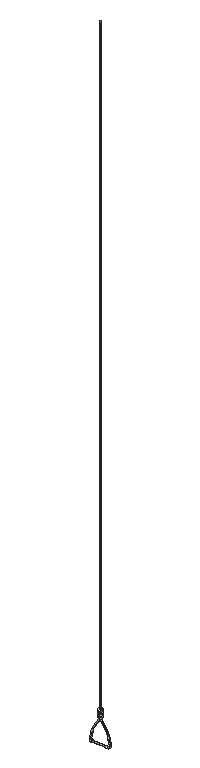
Revit family "Wire-HunterDouglas-Multi-Box_Series", category Specialty Equipment, Revit 2013
Parameters (values of type "Parametric")
  Wire Hanger = Metal - Aluminum Frame - HunterDouglas - Painted White
  URL = "http://www.hunterdouglascontract.com/ceilings/index.jsp"
  Subcategory = "Metal – Linear"  # constant formula
  Product Line = "Deep Box Series"  # constant formula
  Perforations = "http://www.hunterdouglascontract.com/ceilings/metalsystems/linear/multiboxlinear/index.jsp?t=perfPage"
  Model = "Deep Box Series Hanger Wire"  # constant formula
  Manufacturer = "Hunter Douglas Luxalon Metal Ceilings"  # constant formula
  Hanger Wire Height [instance] = 3' - 0"
  Description = "Hanger Wire"  # constant formula
  Color Finishes = "http://www.hunterdouglascontract.com/ceilings/metalsystems/linear/multiboxlinear/index.jsp?t=colorPage"
  Assembly Code = "C3030200"
  95 CSI = "09510"  # constant formula
  04 CSI = "09 51 00"  # constant formula
Reference planes (in)
  plane 1 "Center (Front/Back)": y = 0
  plane 2: z = 0
  plane 3 "Center (Left/Right)": x = 0
  plane 4: x = -0.77248
  plane 5: x = 0.77248
  plane 6: z = 2.4375
  plane 7: z = 2.5
  plane 8: z = 36
Dimensions and locks (in)
  equal spacing: plane 4, plane 3 "Center (Left/Right)", plane 5
  plane 4 to plane 5 = 0' - 1.54495"
  locked: plane 6 to plane 7 at 0.0625
  locked: plane 6 to level at 2.4375
  "Hanger Wire Height": plane 8 to level
  aligned and locked: level to plane 2
  aligned and locked: plane 3 "Center (Left/Right)" to nested 1
  aligned and locked: plane 1 "Center (Front/Back)" to nested 1
  aligned and locked: plane 6 to nested 1
Nested families (in)
  nested 1: "Wire" at (0, 0, 0), type "Parametric"
Definition of nested family "Wire"
  Parameters (values of type "Parametric")
    Wire Hanger = Metal - Aluminum Frame - HunterDouglas - Painted White
    URL = "http://www.hunterdouglascontract.com/ceilings/index.jsp"
    Subcategory = "Metal – Linear"  # constant formula
    Product Line = "6-7 Box Series & Deep Box"  # constant formula
    Model = "6-7 Box Series & Deep Box Hanger Wire"  # constant formula
    Manufacturer = "Hunter Douglas Luxalon Metal Ceilings"  # constant formula
    HangerWire Length = 3' - 0"
    Description = "Hanger_Wire"  # constant formula
    Assembly Code = "C3030200"
    95 CSI = "09510"  # constant formula
    04 CSI = "09 51 00"  # constant formula
  Reference planes (in)
    plane 1 "Center (Front/Back)": y = 0
    plane 2: z = 0
    plane 3 "Center (Left/Right)": x = 0
    plane 4: x = -0.77248
    plane 5: x = 0.77248
    plane 6: z = 2.4375
    plane 7: z = 2.5
    plane 8: z = 36
  Forms (in)
    Sweep 1, solid, material "Metal - Aluminum Frame - HunterDouglas - Painted White" <- "Wire Hanger", detail levels fine
      path origin (0, 0, 0) x (1, 0, 0) y (0, 0, 1)
        loop
          line (0.03125, 36) -> (0.03125, 3.70793) -> (0.38236, 3.14135)
          arc (0.38236, 3.14135) -> (0.44435, 3.01623) -> (0.48166, 2.88166) r 0.73777
          line (0.48166, 2.88166) -> (0.5376, 2.56649)
          arc (0.5376, 2.56649) -> (0.51364, 2.47677) -> (0.42949, 2.4375) r 0.1098
          line (0.42949, 2.4375) -> (-0.42976, 2.4375)
          arc (-0.42976, 2.4375) -> (-0.51374, 2.47669) -> (-0.53765, 2.56622) r 0.10957
          line (-0.53765, 2.56622) -> (-0.48246, 2.87715)
          arc (-0.48246, 2.87715) -> (-0.44395, 3.01607) -> (-0.37995, 3.14524) r 0.76163
          line (-0.37995, 3.14524) -> (-0.0384, 3.69638)
      profile origin (-0.00014, 0, 2.4375) x (0, 0, -1) y (0, -1, 0)
        loop
          circle (-0.03125, 0) r 0.03125
    Revolve 2, solid, material "Metal - Aluminum Frame - HunterDouglas - Painted White" <- "Wire Hanger", detail levels fine
      sketch origin (-1.10243, 0, 0.17393) x (0.947216, 0, -0.320596) y (0.320596, 0, 0.947216)
        loop
          line (-0.19925, 4.08974) -> (-0.26999, 4.08974)
          arc (-0.26999, 4.08974) -> (-0.30124, 4.05849) -> (-0.26999, 4.02724) r 0.03125
          line (-0.26999, 4.02724) -> (-0.19925, 4.02724) -> (-0.19925, 4.08974)
        axis (-0.19925, 4.02724) -> (-0.19925, 4.08974)
      angle from 0 to 360
    Revolve 3, solid, material "Metal - Aluminum Frame - HunterDouglas - Painted White" <- "Wire Hanger", detail levels fine
      sketch origin (-1.10243, 0, 0.1083) x (0.947216, 0, -0.320596) y (0.320596, 0, 0.947216)
        loop
          line (-0.19925, 4.08974) -> (-0.26999, 4.08974)
          arc (-0.26999, 4.08974) -> (-0.30124, 4.05849) -> (-0.26999, 4.02724) r 0.03125
          line (-0.26999, 4.02724) -> (-0.19925, 4.02724) -> (-0.19925, 4.08974)
        axis (-0.19925, 4.02724) -> (-0.19925, 4.08974)
      angle from 0 to 360
    Revolve 4, solid, material "Metal - Aluminum Frame - HunterDouglas - Painted White" <- "Wire Hanger", detail levels fine
      sketch origin (-1.10243, 0, 0.04197) x (0.947216, 0, -0.320596) y (0.320596, 0, 0.947216)
        loop
          line (-0.19925, 4.08974) -> (-0.26999, 4.08974)
          arc (-0.26999, 4.08974) -> (-0.30124, 4.05849) -> (-0.26999, 4.02724) r 0.03125
          line (-0.26999, 4.02724) -> (-0.19925, 4.02724) -> (-0.19925, 4.08974)
        axis (-0.19925, 4.02724) -> (-0.19925, 4.08974)
      angle from 0 to 360
    Revolve 5, solid, material "Metal - Aluminum Frame - HunterDouglas - Painted White" <- "Wire Hanger", detail levels fine
      sketch origin (-1.10243, 0, -0.02402) x (0.947216, 0, -0.320596) y (0.320596, 0, 0.947216)
        loop
          line (-0.19925, 4.08974) -> (-0.26999, 4.08974)
          arc (-0.26999, 4.08974) -> (-0.30124, 4.05849) -> (-0.26999, 4.02724) r 0.03125
          line (-0.26999, 4.02724) -> (-0.19925, 4.02724) -> (-0.19925, 4.08974)
        axis (-0.19925, 4.02724) -> (-0.19925, 4.08974)
      angle from 0 to 360
    Revolve 6, solid, material "Metal - Aluminum Frame - HunterDouglas - Painted White" <- "Wire Hanger", detail levels fine
      sketch origin (-1.10243, 0, -0.09) x (0.947216, 0, -0.320596) y (0.320596, 0, 0.947216)
        loop
          line (-0.19925, 4.08974) -> (-0.26999, 4.08974)
          arc (-0.26999, 4.08974) -> (-0.30124, 4.05849) -> (-0.26999, 4.02724) r 0.03125
          line (-0.26999, 4.02724) -> (-0.19925, 4.02724) -> (-0.19925, 4.08974)
        axis (-0.19925, 4.02724) -> (-0.19925, 4.08974)
      angle from 0 to 360
    Revolve 7, solid, material "Metal - Aluminum Frame - HunterDouglas - Painted White" <- "Wire Hanger", detail levels fine
      sketch origin (-1.10243, 0, -0.15751) x (0.947216, 0, -0.320596) y (0.320596, 0, 0.947216)
        loop
          line (-0.19925, 4.08974) -> (-0.26999, 4.08974)
          arc (-0.26999, 4.08974) -> (-0.30124, 4.05849) -> (-0.26999, 4.02724) r 0.03125
          line (-0.26999, 4.02724) -> (-0.19925, 4.02724) -> (-0.19925, 4.08974)
        axis (-0.19925, 4.02724) -> (-0.19925, 4.08974)
      angle from 0 to 360
  Cuts and joins
    joined: Sweep 1, Revolve 3, Revolve 5, Revolve 7
  Lines and regions (in)
    model lines, style "Wire", detail levels coarse+medium
      curve 1: line (0, 0, 36) -> (0, 0, 2.5)
    symbolic lines, style "Wire", detail levels fine
      curve 2: line (-0.50903, 0.03125, 0) -> (-0.08588, 0.03125, 0)
      curve 3: line (0.50903, -0.03126, 0) -> (0.10541, -0.03126, 0)
      curve 4: arc (0.50903, 0.03125, 0) -> (0.54029, 0, 0) -> (0.50903, -0.03126, 0) r 0.03125
      curve 5: arc (-0.50903, 0.03125, 0) -> (-0.54029, 0, 0) -> (-0.50903, -0.03126, 0) r 0.03125
      curve 6: circle (0.00977, 0, 0) r 0.10062 normal (0, 0, 1)
      curve 7: circle (0, 0, 0) r 0.03125 normal (0, 0, 1)
      curve 8: line (0.10541, 0.03125, 0) -> (0.50903, 0.03125, 0)
      curve 9: line (-0.08587, -0.03126, 0) -> (-0.50903, -0.03126, 0)
      curve 43: line (-0.03122, 0, 36) -> (0.03122, 0, 36)
      curve 44: line (0.03122, 0, 36) -> (0.03122, 0, 4.1081)
      curve 45: line (-0.04684, 0, 4.13498) -> (0.08788, 0, 4.08859)
      curve 46: line (-0.07537, 0, 4.07858) -> (0.06749, 0, 4.02939)
      curve 47: arc (0.08788, 0, 4.08859) -> (0.10729, 0, 4.0488) -> (0.06749, 0, 4.02939) r 0.03131
      curve 48: arc (-0.04684, 0, 4.13498) -> (-0.08569, 0, 4.11922) -> (-0.07537, 0, 4.07858) r 0.0319
      curve 49: arc (0.08788, 0, 4.02237) -> (0.10784, 0, 3.98437) -> (0.0711, 0, 3.96216) r 0.03131
      curve 50: arc (-0.04684, 0, 4.06876) -> (-0.08551, 0, 4.05335) -> (-0.07602, 0, 4.01282) r 0.0319
      curve 51: line (-0.07602, 0, 4.01282) -> (0.0711, 0, 3.96216)
      curve 52: arc (0.08788, 0, 3.95615) -> (0.10784, 0, 3.91815) -> (0.0711, 0, 3.89594) r 0.03131
      curve 53: arc (-0.04684, 0, 4.00254) -> (-0.08551, 0, 3.98713) -> (-0.07602, 0, 3.9466) r 0.0319
      curve 54: line (-0.07602, 0, 3.9466) -> (0.0711, 0, 3.89594)
      curve 55: arc (0.08788, 0, 3.88993) -> (0.10784, 0, 3.85193) -> (0.0711, 0, 3.82972) r 0.03131
      curve 56: arc (-0.04684, 0, 3.93632) -> (-0.08551, 0, 3.92091) -> (-0.07602, 0, 3.88038) r 0.0319
      curve 57: line (-0.07602, 0, 3.88038) -> (0.0711, 0, 3.82972)
      curve 58: arc (0.08788, 0, 3.82371) -> (0.10784, 0, 3.78571) -> (0.0711, 0, 3.7635) r 0.03131
      curve 59: arc (-0.04684, 0, 3.8701) -> (-0.08551, 0, 3.85469) -> (-0.07602, 0, 3.81416) r 0.0319
      curve 60: line (-0.07602, 0, 3.81416) -> (0.0711, 0, 3.7635)
      curve 61: arc (0.08788, 0, 3.75749) -> (0.10784, 0, 3.71949) -> (0.0711, 0, 3.69728) r 0.03131
      curve 62: arc (-0.04684, 0, 3.80388) -> (-0.08551, 0, 3.78847) -> (-0.07602, 0, 3.74794) r 0.0319
      curve 63: line (-0.07602, 0, 3.74794) -> (0.0711, 0, 3.69728)
      curve 64: line (-0.0384, 0, 3.69638) -> (-0.37724, 0, 3.14961)
      curve 65: line (-0.53854, 0, 2.57083) -> (-0.47845, 0, 2.89346)
      curve 66: arc (-0.47845, 0, 2.89346) -> (-0.43931, 0, 3.02606) -> (-0.37724, 0, 3.14961) r 0.77561
      curve 67: arc (-0.53854, 0, 2.57083) -> (-0.5193, 0, 2.48393) -> (-0.44337, 0, 2.4375) r 0.11373
      curve 68: line (0.08629, 0, 3.61911) -> (-0.0384, 0, 3.69638)
      curve 69: spline (-0.02925, 0, 3.69071) -> (-0.02601, 0, 3.69164) -> (-0.02149, 0, 3.69294) -> (-0.01593, 0, 3.69453) -> (-0.00958, 0, 3.69634) -> (-0.00276, 0, 3.69828) -> (0.00419, 0, 3.70026) -> (0.01093, 0, 3.70218) -> (0.01714, 0, 3.70394) -> (0.02251, 0, 3.70547) -> (0.02678, 0, 3.70667) -> (0.02974, 0, 3.70751) -> (0.03125, 0, 3.70793)
      curve 70: line (0, 0, 3.6397) -> (-0.32412, 0, 3.11669)
      curve 71: arc (-0.41709, 0, 2.88159) -> (-0.3811, 0, 3.00329) -> (-0.32412, 0, 3.11669) r 0.71311
      curve 72: line (-0.4771, 0, 2.55939) -> (-0.41709, 0, 2.88159)
      curve 73: arc (-0.4771, 0, 2.55939) -> (-0.46843, 0, 2.52024) -> (-0.43423, 0, 2.49933) r 0.05123
      curve 74: line (0.03122, 0, 36) -> (-0.03122, 0, 36)
      curve 75: line (-0.03122, 0, 36) -> (-0.03122, 0, 4.1296)
      curve 76: line (0.02882, 0, 3.71184) -> (0.37724, 0, 3.14961)
      curve 77: line (0.53854, 0, 2.57083) -> (0.47845, 0, 2.89346)
      curve 78: arc (0.47845, 0, 2.89346) -> (0.43931, 0, 3.02606) -> (0.37724, 0, 3.14961) r 0.77561
      curve 79: arc (0.53854, 0, 2.57083) -> (0.5193, 0, 2.48393) -> (0.44337, 0, 2.4375) r 0.11373
      curve 80: arc (0.4771, 0, 2.55939) -> (0.46843, 0, 2.52024) -> (0.43423, 0, 2.49933) r 0.05123
      curve 81: line (0.4771, 0, 2.55939) -> (0.41709, 0, 2.88159)
      curve 82: arc (0.41709, 0, 2.88159) -> (0.3811, 0, 3.00329) -> (0.32412, 0, 3.11669) r 0.71311
      curve 83: line (0, 0, 3.6397) -> (0.32412, 0, 3.11669)
      curve 84: line (-0.43423, 0, 2.49933) -> (0.43423, 0, 2.49933)
      curve 85: line (0.44337, 0, 2.4375) -> (-0.44337, 0, 2.4375)
      curve 86: line (-0.03122, 0, 3.73252) -> (-0.03122, 0, 3.69194)
    symbolic lines, style "Wire"
      curve 10: line (0, 0.03125, 36) -> (0, -0.03125, 36)
      curve 11: line (0, 0.03125, 2.46831) -> (0, 0.03125, 3.69854)
      curve 12: line (0, -0.03125, 36) -> (0, -0.03125, 4.05165)
      curve 13: arc (0, -0.08474, 4.0503) -> (0, -0.10167, 4.01557) -> (0, -0.08145, 3.98266) r 0.04011
      curve 14: arc (0, -0.08145, 3.98266) -> (0, -0.04212, 3.96692) -> (0, 0, 3.96236) r 0.15569
      curve 15: arc (0, 0.08474, 4.0503) -> (0, 0.10167, 4.01557) -> (0, 0.08145, 3.98266) r 0.04011
      curve 16: arc (0, 0.08145, 3.98266) -> (0, 0.04212, 3.96692) -> (0, 0, 3.96236) r 0.15569
      curve 17: arc (0, 0.03125, 4.05165) -> (0, 0, 4.04216) -> (0, -0.03125, 4.05165) r 0.05621
      curve 18: arc (0, -0.08169, 3.9828) -> (0, -0.10172, 3.94794) -> (0, -0.08145, 3.91321) r 0.04011
      curve 19: arc (0, -0.08145, 3.91321) -> (0, -0.04212, 3.89747) -> (0, 0, 3.89291) r 0.15569
      curve 20: arc (0, 0.08169, 3.9828) -> (0, 0.10172, 3.94794) -> (0, 0.08145, 3.91321) r 0.04011
      curve 21: arc (0, 0.08145, 3.91321) -> (0, 0.04212, 3.89747) -> (0, 0, 3.89291) r 0.15569
      curve 22: arc (0, -0.08474, 3.91531) -> (0, -0.10167, 3.88058) -> (0, -0.08145, 3.84767) r 0.04011
      curve 23: arc (0, -0.08145, 3.84767) -> (0, -0.04212, 3.83193) -> (0, 0, 3.82736) r 0.15569
      curve 24: arc (0, 0.08474, 3.91531) -> (0, 0.10167, 3.88058) -> (0, 0.08145, 3.84767) r 0.04011
      curve 25: arc (0, 0.08145, 3.84767) -> (0, 0.04212, 3.83193) -> (0, 0, 3.82736) r 0.15569
      curve 26: arc (0, -0.08474, 3.84977) -> (0, -0.10167, 3.81504) -> (0, -0.08145, 3.78213) r 0.04011
      curve 27: arc (0, -0.08145, 3.78213) -> (0, -0.04212, 3.76638) -> (0, 0, 3.76182) r 0.15569
      curve 28: arc (0, 0.08474, 3.84977) -> (0, 0.10167, 3.81504) -> (0, 0.08145, 3.78213) r 0.04011
      curve 29: arc (0, 0.08145, 3.78213) -> (0, 0.04212, 3.76638) -> (0, 0, 3.76182) r 0.15569
      curve 30: arc (0, -0.08474, 3.78422) -> (0, -0.10167, 3.7495) -> (0, -0.08145, 3.71659) r 0.04011
      curve 31: arc (0, -0.08145, 3.71659) -> (0, -0.04212, 3.70084) -> (0, 0, 3.69628) r 0.15569
      curve 32: arc (0, 0.08474, 3.78422) -> (0, 0.10167, 3.7495) -> (0, 0.08145, 3.71659) r 0.04011
      curve 33: arc (0, 0.08145, 3.71659) -> (0, 0.04212, 3.70084) -> (0, 0, 3.69628) r 0.15569
      curve 34: line (0, 0.03125, 4.05165) -> (0, 0.03125, 36)
      curve 35: line (0, -0.03125, 3.69854) -> (0, -0.03125, 2.46831)
      curve 36: arc (0, -0.03125, 2.46831) -> (0, 0, 2.43706) -> (0, 0.03125, 2.46831) r 0.03125
      curve 37: arc (0, -0.08474, 4.11584) -> (0, -0.10167, 4.08112) -> (0, -0.08145, 4.0482) r 0.04011
      curve 38: arc (0, -0.08145, 4.0482) -> (0, -0.04212, 4.03246) -> (0, 0, 4.0279) r 0.15569
      curve 39: arc (0, 0.08474, 4.11584) -> (0, 0.10167, 4.08112) -> (0, 0.08145, 4.0482) r 0.04011
      curve 40: arc (0, 0.08145, 4.0482) -> (0, 0.04212, 4.03246) -> (0, 0, 4.0279) r 0.15569
      curve 41: arc (0, -0.08474, 4.11584) -> (0, -0.05931, 4.12919) -> (0, -0.03125, 4.13531) r 0.10721
      curve 42: arc (0, 0.08474, 4.11584) -> (0, 0.05931, 4.12919) -> (0, 0.03125, 4.13531) r 0.10721
  Dimensions and locks (in)
    equal spacing: plane 4, plane 3 "Center (Left/Right)", plane 5
    plane 4 to plane 5 = 0' - 1.54495"
    locked: plane 6 to plane 7 at 0.0625
    locked: plane 6 to level at 2.4375
    "HangerWire Length": plane 8 to level
    aligned and locked: level to plane 2
    aligned and locked: Sweep 1 sketch curve to plane 6
    aligned and locked: plane 8 to Sweep 1 sketch curve
    aligned and locked: curve 1 to plane 3 "Center (Left/Right)"
    aligned and locked: plane 7 to curve 1
    aligned and locked: plane 8 to curve 1
    aligned and locked: curve 7 to cut or joined group of Sweep 1, Revolve 3, Revolve 5, Revolve 7
    aligned and locked: curve 68 to cut or joined group of Sweep 1, Revolve 3, Revolve 5, Revolve 7
  Automatic sketch dimensions
    Sweep 1 sketch curve to plane 1 "Center (Front/Back)" = 0' - 0"
    profile plane to Sweep 1 sketch curve = 0' - 0 1/32"
    Revolve 2 sketch curve to plane 3 "Center (Left/Right)" = 0' - 0.06706"
    Revolve 2 sketch curve to Revolve 2 sketch curve = 0' - 0.07074"
    Revolve 2 sketch curve to Revolve 2 sketch curve = 0' - 0"  (x2)
    Revolve 2 sketch curve to Revolve 2 sketch curve = 0' - 0 1/32"
    Revolve 2 sketch curve to Revolve 2 sketch curve = 0' - 0.02781"
    Revolve 3 sketch curve to plane 3 "Center (Left/Right)" = 0' - 0.06706"
    Revolve 3 sketch curve to Revolve 3 sketch curve = 0' - 0.07074"
    Revolve 3 sketch curve to Revolve 3 sketch curve = 0' - 0"  (x2)
    Revolve 3 sketch curve to Revolve 3 sketch curve = 0' - 0 1/32"
    Revolve 3 sketch curve to Revolve 3 sketch curve = 0' - 0.02781"
    Revolve 4 sketch curve to plane 3 "Center (Left/Right)" = 0' - 0.06706"
    Revolve 4 sketch curve to Revolve 4 sketch curve = 0' - 0.07074"
    Revolve 4 sketch curve to Revolve 4 sketch curve = 0' - 0"  (x2)
    Revolve 4 sketch curve to Revolve 4 sketch curve = 0' - 0 1/32"
    Revolve 4 sketch curve to Revolve 4 sketch curve = 0' - 0.02781"
    Revolve 5 sketch curve to plane 3 "Center (Left/Right)" = 0' - 0.06706"
    Revolve 5 sketch curve to Revolve 5 sketch curve = 0' - 0.07074"
    Revolve 5 sketch curve to Revolve 5 sketch curve = 0' - 0"  (x2)
    Revolve 5 sketch curve to Revolve 5 sketch curve = 0' - 0 1/32"
    Revolve 5 sketch curve to Revolve 5 sketch curve = 0' - 0.02781"
    Revolve 6 sketch curve to plane 3 "Center (Left/Right)" = 0' - 0.06706"
    Revolve 6 sketch curve to Revolve 6 sketch curve = 0' - 0.07074"
    Revolve 6 sketch curve to Revolve 6 sketch curve = 0' - 0"  (x2)
    Revolve 6 sketch curve to Revolve 6 sketch curve = 0' - 0 1/32"
    Revolve 6 sketch curve to Revolve 6 sketch curve = 0' - 0.02781"
    Revolve 7 sketch curve to plane 3 "Center (Left/Right)" = 0' - 0.06706"
    Revolve 7 sketch curve to Revolve 7 sketch curve = 0' - 0.07074"
    Revolve 7 sketch curve to Revolve 7 sketch curve = 0' - 0"  (x2)
    Revolve 7 sketch curve to Revolve 7 sketch curve = 0' - 0 1/32"
    Revolve 7 sketch curve to Revolve 7 sketch curve = 0' - 0.02781"
    plane 7 to Sweep 1 sketch curve = 0' - 0.06622"
    Sweep 1 sketch curve to plane 4 = 0' - 0.23483"
    Sweep 1 sketch curve to plane 4 = 0' - 0.29002"
    Sweep 1 sketch curve to Sweep 1 sketch curve = 0' - 0.10788"
    Sweep 1 sketch curve to Sweep 1 sketch curve = 0' - 0.10251"
    Sweep 1 sketch curve to plane 3 "Center (Left/Right)" = 0' - 0.24476"
    Sweep 1 sketch curve to plane 3 "Center (Left/Right)" = 0' - 0.0384"
    plane 3 "Center (Left/Right)" to Sweep 1 sketch curve = 0' - 0 1/32"
    plane 3 "Center (Left/Right)" to Sweep 1 sketch curve = 0' - 0.26745"
    plane 3 "Center (Left/Right)" to Sweep 1 sketch curve = 0' - 0.38236"
    Sweep 1 sketch curve to plane 5 = 0' - 0.34298"
    Sweep 1 sketch curve to Sweep 1 sketch curve = 0' - 0.21421"
    plane 7 to Sweep 1 sketch curve = 0' - 0.06649"
    Sweep 1 sketch curve to Sweep 1 sketch curve = 0' - 0.10811"
    plane 7 to Sweep 1 sketch curve = 0' - 0.24405"
    plane 7 to Sweep 1 sketch curve = 0' - 0.25273"
    Sweep 1 sketch curve to Sweep 1 sketch curve = 0' - 0.12442"
    Sweep 1 sketch curve to Sweep 1 sketch curve = 0' - 0.13761"
    Sweep 1 sketch curve to Sweep 1 sketch curve = 0' - 0.55114"
    Sweep 1 sketch curve to Sweep 1 sketch curve = 0' - 0.01154"
    plane 7 to Revolve 2 sketch curve = 0' - 1.57516"
    plane 7 to Revolve 3 sketch curve = 0' - 1.50953"
    plane 7 to Revolve 4 sketch curve = 0' - 1.44319"
    plane 7 to Revolve 5 sketch curve = 0' - 1.37721"
    plane 7 to Revolve 6 sketch curve = 0' - 1.31123"
    plane 7 to Revolve 7 sketch curve = 0' - 1.24371"
    plane 1 "Center (Front/Back)" to curve 6 = 0' - 0"
    curve 2 to plane 1 "Center (Front/Back)" = 0' - 0 1/32"
    curve 2 to plane 4 = 0' - 0.26344"
    plane 3 "Center (Left/Right)" to curve 6 = 0' - 0.00977"
    plane 1 "Center (Front/Back)" to curve 3 = 0' - 0 1/32"
    curve 3 to plane 5 = 0' - 0.26344"
    plane 3 "Center (Left/Right)" to curve 8 = 0' - 0.10541"
    plane 1 "Center (Front/Back)" to curve 4 = 0' - 0"
    plane 1 "Center (Front/Back)" to curve 5 = 0' - 0 1/32"
    curve 12 to plane 8 = 0' - 0"
    curve 17 to plane 1 "Center (Front/Back)" = 0' - 0"
    curve 25 to plane 1 "Center (Front/Back)" = 0' - 0"
    curve 21 to plane 1 "Center (Front/Back)" = 0' - 0"
    curve 33 to plane 1 "Center (Front/Back)" = 0' - 0"
    curve 38 to plane 1 "Center (Front/Back)" = 0' - 0"
    curve 36 to plane 1 "Center (Front/Back)" = 0' - 0"
    curve 14 to plane 1 "Center (Front/Back)" = 0' - 0"
    curve 27 to plane 1 "Center (Front/Back)" = 0' - 0"
    plane 1 "Center (Front/Back)" to curve 19 = 0' - 0.00445"
    plane 1 "Center (Front/Back)" to curve 23 = 0' - 0.00445"
    plane 1 "Center (Front/Back)" to curve 14 = 0' - 0.00445"
    plane 1 "Center (Front/Back)" to curve 27 = 0' - 0.00445"
    plane 1 "Center (Front/Back)" to curve 38 = 0' - 0.00445"
    plane 1 "Center (Front/Back)" to curve 31 = 0' - 0.00445"
    plane 1 "Center (Front/Back)" to curve 41 = 0' - 0.02264"
    plane 1 "Center (Front/Back)" to curve 10 = 0' - 0 1/32"
    curve 36 to curve 36 = 0' - 0 1/32"
    curve 30 to curve 35 = 0' - 0.03036"
    plane 1 "Center (Front/Back)" to curve 26 = 0' - 0.06161"
    curve 13 to curve 41 = 0' - 0.03896"
    plane 1 "Center (Front/Back)" to curve 22 = 0' - 0.06161"
    curve 27 to curve 30 = 0' - 0.01984"
    curve 18 to curve 22 = 0' - 0.01984"
    curve 30 to curve 30 = 0' - 0.01984"
    curve 26 to curve 27 = 0' - 0"
    curve 38 to curve 13 = 0' - 0.01984"
    curve 37 to curve 38 = 0' - 0"
    curve 19 to curve 18 = 0' - 0"
    curve 31 to curve 30 = 0' - 0"
    curve 22 to curve 26 = 0' - 0.01984"
    curve 13 to curve 18 = 0' - 0.01984"
    curve 14 to curve 13 = 0' - 0"
    curve 23 to curve 22 = 0' - 0"
    curve 18 to curve 13 = 0' - 0.00025"
    curve 30 to curve 26 = 0' - 0.0033"
    curve 13 to curve 38 = 0' - 0.0033"
    curve 22 to curve 19 = 0' - 0.0033"
    curve 41 to curve 37 = 0' - 0.02313"
    curve 26 to curve 22 = 0' - 0.0033"
    curve 25 to plane 1 "Center (Front/Back)" = 0' - 0.00445"
    curve 29 to plane 1 "Center (Front/Back)" = 0' - 0.00445"
    curve 40 to plane 1 "Center (Front/Back)" = 0' - 0.00445"
    curve 16 to plane 1 "Center (Front/Back)" = 0' - 0.00445"
    curve 33 to plane 1 "Center (Front/Back)" = 0' - 0.00445"
    curve 21 to plane 1 "Center (Front/Back)" = 0' - 0.00445"
    curve 42 to plane 1 "Center (Front/Back)" = 0' - 0.02264"
    curve 10 to plane 1 "Center (Front/Back)" = 0' - 0 1/32"
    curve 24 to plane 1 "Center (Front/Back)" = 0' - 0.06161"
    curve 42 to curve 15 = 0' - 0.03896"
    curve 11 to curve 32 = 0' - 0.03036"
    curve 28 to plane 1 "Center (Front/Back)" = 0' - 0.06161"
    curve 20 to curve 16 = 0' - 0.01984"
    curve 32 to curve 28 = 0' - 0.01984"
    curve 28 to curve 25 = 0' - 0.01984"
    curve 24 to curve 25 = 0' - 0"
    curve 29 to curve 28 = 0' - 0"
    curve 32 to curve 32 = 0' - 0.01984"
    curve 24 to curve 21 = 0' - 0.01984"
    curve 20 to curve 21 = 0' - 0"
    curve 15 to curve 16 = 0' - 0"
    curve 15 to curve 40 = 0' - 0.01984"
    curve 39 to curve 40 = 0' - 0"
    curve 33 to curve 32 = 0' - 0"
    curve 16 to curve 20 = 0' - 0.00025"
    curve 39 to curve 39 = 0' - 0.02313"
    curve 28 to curve 32 = 0' - 0.0033"
    curve 25 to curve 28 = 0' - 0.0033"
    curve 20 to curve 24 = 0' - 0.0033"
    plane 7 to curve 40 = 0' - 1.68352"
    curve 38 to curve 40 = 0' - 0"
    curve 42 to curve 40 = 0' - 0.04821"
    curve 41 to curve 38 = 0' - 0.04821"
    curve 41 to curve 41 = 0' - 0.01947"
    curve 14 to curve 41 = 0' - 0.01733"
    curve 14 to curve 16 = 0' - 0"
    curve 17 to curve 14 = 0' - 0.01961"
    curve 38 to curve 21 = 0' - 0.02063"
    curve 19 to curve 21 = 0' - 0"
    curve 16 to curve 25 = 0' - 0.02063"
    curve 23 to curve 25 = 0' - 0"
    curve 16 to curve 20 = 0' - 0.00014"
    curve 19 to curve 29 = 0' - 0.02454"
    curve 27 to curve 29 = 0' - 0"
    curve 20 to curve 24 = 0' - 0.00209"
    curve 25 to curve 33 = 0' - 0.02454"
    curve 31 to curve 33 = 0' - 0"
    curve 22 to curve 26 = 0' - 0.00209"
    curve 28 to curve 32 = 0' - 0.00209"
    curve 36 to plane 6 = 0' - 0.03081"
    curve 37 to curve 41 = 0' - 0.05349"
    curve 18 to curve 13 = 0' - 0.02008"
    curve 39 to curve 39 = 0' - 0.01984"
    curve 20 to curve 24 = 0' - 0.02313"
    curve 39 to curve 15 = 0' - 0.0033"
    curve 31 to curve 38 = 0' - 0.33162"
    curve 41 to curve 12 = 0' - 0.0232"
    curve 66 to curve 71 = 0' - 0"  (x2)
    curve 67 to curve 73 = 0' - 0"  (x2)
    curve 78 to curve 82 = 0' - 0"  (x2)
    curve 79 to curve 80 = 0' - 0"  (x2)
    curve 67 to plane 6 = 0' - 0"
    curve 74 to plane 8 = 0' - 0"
    curve 83 to plane 3 "Center (Left/Right)" = 0' - 0"
    curve 69 to plane 3 "Center (Left/Right)" = 0' - 0.02925"
    curve 86 to curve 69 = 0' - 0.00197"
    curve 75 to plane 3 "Center (Left/Right)" = 0' - 0.03122"
    curve 69 to curve 86 = 0' - 0.00021"
    curve 64 to curve 86 = 0' - 0.00718"
    curve 62 to plane 3 "Center (Left/Right)" = 0' - 0.04684"
    curve 48 to curve 75 = 0' - 0 1/64"
    curve 59 to plane 3 "Center (Left/Right)" = 0' - 0.04684"
    curve 53 to plane 3 "Center (Left/Right)" = 0' - 0.04684"
    curve 56 to plane 3 "Center (Left/Right)" = 0' - 0.04684"
    curve 50 to plane 3 "Center (Left/Right)" = 0' - 0.04684"
    curve 59 to curve 59 = 0' - 0.01039"
    curve 50 to curve 50 = 0' - 0.01039"
    curve 48 to curve 48 = 0' - 0.01039"
    curve 62 to curve 62 = 0' - 0.01039"
    curve 56 to curve 56 = 0' - 0.01039"
    curve 53 to curve 53 = 0' - 0.01039"
    curve 46 to curve 50 = 0' - 0.02853"
    curve 59 to curve 62 = 0' - 0.02918"
    curve 54 to curve 56 = 0' - 0.02918"
    curve 63 to curve 62 = 0' - 0.01879"
    curve 56 to curve 59 = 0' - 0.02918"
    curve 50 to curve 53 = 0' - 0.02918"
    curve 70 to plane 3 "Center (Left/Right)" = 0' - 0.32412"
    curve 64 to curve 71 = 0' - 0.05313"
    curve 71 to curve 78 = 0' - 0.13505"
    plane 7 to curve 73 = 0' - 0.05001"
    curve 73 to curve 78 = 0' - 0.14469"
    curve 73 to plane 7 = 0' - 0.00067"
    curve 73 to curve 67 = 0' - 0.0075"
    curve 85 to curve 84 = 0' - 0.00915"
    curve 73 to curve 67 = 0' - 0.05037"
    curve 65 to curve 71 = 0' - 0.06136"
    plane 7 to curve 65 = 0' - 0.07083"
    plane 3 "Center (Left/Right)" to curve 69 = 0' - 0"
    plane 3 "Center (Left/Right)" to curve 76 = 0' - 0.02882"
    plane 3 "Center (Left/Right)" to curve 43 = 0' - 0.03122"
    curve 76 to curve 69 = 0' - 0.00243"
    plane 3 "Center (Left/Right)" to curve 47 = 0' - 0.06749"
    curve 69 to curve 63 = 0' - 0.03985"
    curve 58 to curve 63 = 0' - 0"
    curve 47 to curve 49 = 0' - 0.00361"
    curve 55 to curve 60 = 0' - 0"
    curve 51 to curve 54 = 0' - 0"
    curve 63 to curve 61 = 0' - 0.00658"
    curve 57 to curve 55 = 0' - 0.00658"
    curve 46 to curve 47 = 0' - 0.01019"
    curve 49 to curve 49 = 0' - 0.00658"
    curve 60 to curve 58 = 0' - 0.00658"
    curve 54 to curve 52 = 0' - 0.00658"
    curve 61 to curve 68 = 0' - 0.01519"
    curve 47 to curve 49 = 0' - 0.02038"
    curve 58 to curve 61 = 0' - 0.01678"
    curve 51 to curve 52 = 0' - 0.01678"
    curve 55 to curve 58 = 0' - 0.01678"
    curve 47 to curve 47 = 0' - 0.01019"
    curve 52 to curve 55 = 0' - 0.01678"
    plane 3 "Center (Left/Right)" to curve 71 = 0' - 0.28204"
    plane 3 "Center (Left/Right)" to curve 83 = 0' - 0.32412"
    curve 83 to curve 76 = 0' - 0.05313"
    curve 66 to curve 81 = 0' - 0.13505"
    plane 7 to curve 80 = 0' - 0.05001"
    curve 66 to curve 80 = 0' - 0.14469"
    curve 79 to curve 80 = 0' - 0.0075"
    curve 84 to curve 79 = 0' - 0.00915"
    curve 79 to curve 80 = 0' - 0.05037"
    curve 81 to curve 78 = 0' - 0.06136"
    curve 80 to curve 79 = 0' - 0.06144"
    curve 79 to curve 71 = 0' - 0.19104"
    curve 67 to curve 82 = 0' - 0.19104"
    curve 66 to curve 81 = 0' - 0.14054"
    curve 71 to curve 65 = 0' - 0.01187"
    curve 81 to curve 78 = 0' - 0.01187"
    curve 83 to curve 69 = 0' - 0.05101"
    curve 69 to curve 86 = 0' - 0.00186"
    curve 63 to curve 69 = 0' - 0.01064"
    curve 63 to curve 61 = 0' - 0.03061"
    curve 64 to curve 86 = 0' - 0.03613"
    curve 61 to curve 58 = 0' - 0.00601"
    curve 62 to curve 62 = 0' - 0.02577"
    curve 60 to curve 58 = 0' - 0.03061"
    curve 62 to curve 60 = 0' - 0.01028"
    curve 58 to curve 57 = 0' - 0.00601"
    curve 60 to curve 59 = 0' - 0.02577"
    curve 57 to curve 55 = 0' - 0.03061"
    curve 59 to curve 57 = 0' - 0.01028"
    curve 55 to curve 54 = 0' - 0.00601"
    curve 56 to curve 56 = 0' - 0.02577"
    curve 54 to curve 52 = 0' - 0.03061"
    curve 56 to curve 53 = 0' - 0.01028"
    curve 52 to curve 49 = 0' - 0.00601"
    curve 53 to curve 53 = 0' - 0.02577"
    curve 49 to curve 49 = 0' - 0.03061"
    curve 53 to curve 51 = 0' - 0.01028"
    curve 49 to curve 47 = 0' - 0.00702"
    curve 51 to curve 50 = 0' - 0.02577"
    curve 46 to curve 47 = 0' - 0.0296"
    curve 46 to curve 48 = 0' - 0.02623"
    radius of Sweep 1 sketch curve = 0' - 0 1/32"
